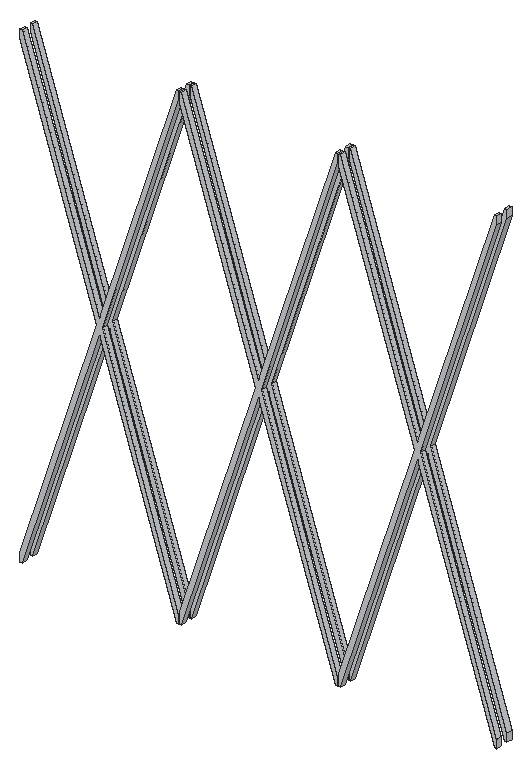
Revit family "M_Padrão do montante_diamante_1x3", category Modelos genéricos, Revit 2019
Family settings
  Pode hospedar o vergalhão = Não
  Cota do conector redondo = Utilizar diâmetro
  Tipo de parte = Normal
  Com base no plano de trabalho = Não
  Sempre na vertical = Sim
  Corte com vazios quando carregada = Não
  Compartilhado = Sim
  Ponto de cálculo do ambiente = Não
Parameters
  Largura [instance] = 1200 mm
  Espessura = 12.7 mm
  Altura [instance] = 1200 mm
  Material interior [instance] = none
  Material externo [instance] = none
  Distância = 19.05 mm
Reference planes
  plane 1 "Centro (Frente/Trás)": y = 0
  plane 2: z = 0
  plane 3 "Centro (Esquerda/Direita)": x = 0
  plane 4: z = 1200
  plane 5: x = -600
  plane 6: x = 600
  plane 7: z = 600
  plane 8: x = -200
  plane 9: x = 200
Dimensions and locks
  equal spacing: plane 6, plane 3 "Centro (Esquerda/Direita)", plane 5
  "Largura": plane 6 to plane 5
  "Altura": plane 4 to plane 2
  equal spacing: plane 4, plane 7, plane 2
  equal spacing: plane 6, plane 9, plane 8, plane 5
  aligned and locked: plane 2 to level
  aligned and locked: plane 1 "Centro (Frente/Trás)" to nested 1
  aligned and locked: plane 1 "Centro (Frente/Trás)" to nested 2
  aligned and locked: plane 1 "Centro (Frente/Trás)" to nested 3
  aligned and locked: plane 5 to nested 1
  aligned and locked: plane 8 to nested 1
  aligned and locked: plane 8 to nested 2
  aligned and locked: plane 9 to nested 2
  aligned and locked: plane 9 to nested 3
  aligned and locked: plane 6 to nested 3
  aligned and locked: plane 4 to nested 3
  aligned and locked: plane 4 to nested 2
  aligned and locked: plane 4 to nested 1
  aligned and locked: plane 2 to nested 1
  aligned and locked: plane 2 to nested 3
  aligned and locked: plane 2 to nested 2
Nested families
  nested 1: "M_Padrão do montante_diamante" at (-400, 0, 0), Material externo <- "Material externo", Material interior <- "Material interior", type "M_Padrão do montante_diamante"
    with W 400 mm, Material interior none, H 1200 mm, Material externo none
  nested 2: "M_Padrão do montante_diamante" at (0, 0, 0), Material externo <- "Material externo", Material interior <- "Material interior", type "M_Padrão do montante_diamante"
    with W 400 mm, Material interior none, H 1200 mm, Material externo none
  nested 3: "M_Padrão do montante_diamante" at (400, 0, 0), Material externo <- "Material externo", Material interior <- "Material interior", type "M_Padrão do montante_diamante"
    with W 400 mm, Material interior none, H 1200 mm, Material externo none
Definition of nested family "M_Padrão do montante_diamante"
  Parameters (values of type "M_Padrão do montante_diamante")
    W [instance] = 1200 mm
    Espessura = 12.7 mm
    H [instance] = 1200 mm
    Material interior [instance] = none
    Distância = 19.05 mm
    Material externo [instance] = none
  Reference planes
    plane 1 "Centro (Frente/Trás)": y = 0
    plane 2: z = 0
    plane 3 "Centro (Esquerda/Direita)": x = 0
    plane 4: z = 1200
    plane 5: x = -600
    plane 6: x = 600
    plane 7: z = 600
    plane 8: y = 9.525
    plane 9: y = -9.525
    plane 10: y = 22.225
    plane 11: y = -22.225
  Forms (mm)
    Extrusion 1, solid, material <- "Material externo", detail levels fine
      sketch origin (-600, 0, 1200) x (0.707107, 0, -0.707107) y (0.707107, 0, 0.707107)
        loop
          line (0, 6.35) -> (0, -6.35) -> (1697.056, -6.35) -> (1697.056, 6.35) -> (0, 6.35)
      from -22.225 to -9.525
    Extrusion 2, solid, material <- "Material externo", detail levels fine
      sketch origin (600, 0, 1200) x (-0.707107, 0, -0.707107) y (0.707107, 0, -0.707107)
        loop
          line (1697.056, 6.35) -> (0, 6.35) -> (0, -6.35) -> (1697.056, -6.35) -> (1697.056, 6.35)
      from -22.225 to -9.525
    Extrusion 3, void
      sketch origin (0, 0, 0) x (1, 0, 0) y (0, 0, 1)
        loop
          line (-600, 1200) -> (-600, 0) -> (600, 0) -> (600, 1200) -> (-600, 1200)
        loop
          line (-612.7, 1212.7) -> (-612.7, -12.7) -> (612.7, -12.7) -> (612.7, 1212.7) -> (-612.7, 1212.7)
      from -22.225 to 22.225
    Extrusion 4, solid, material <- "Material interior", detail levels fine
      sketch origin (-600, 0, 1200) x (0.707107, 0, -0.707107) y (0.707107, 0, 0.707107)
        loop
          line (0, 6.35) -> (0, -6.35) -> (1697.056, -6.35) -> (1697.056, 6.35) -> (0, 6.35)
      from 9.525 to 22.225
    Extrusion 5, solid, material <- "Material interior", detail levels fine
      sketch origin (600, 0, 1200) x (-0.707107, 0, -0.707107) y (0.707107, 0, -0.707107)
        loop
          line (0, -6.35) -> (1697.056, -6.35) -> (1697.056, 6.35) -> (0, 6.35) -> (0, -6.35)
      from 9.525 to 22.225
  Cuts and joins
    Extrusion 3 cuts Extrusion 1
    Extrusion 3 cuts Extrusion 2
    joined: Extrusion 1, Extrusion 2
    Extrusion 3 cuts Extrusion 4
    Extrusion 3 cuts Extrusion 5
    joined: Extrusion 4, Extrusion 5
  Lines and regions (mm)
    reference lines
      curve 1: line (-600, 0, 1200) -> (600, 0, 0)
      curve 2: line (600, 0, 1200) -> (-600, 0, 0)
      curve 3: line (-600, 0, 1200) -> (-447.336, 0, 1352.664)
      curve 4: line (600, 0, 0) -> (793.076, 0, 193.076)
      curve 5: line (-529.006, 0, 1120.026) -> (416.643, 0, 174.377)
      curve 6: line (-520.026, 0, 1129.006) -> (425.623, 0, 183.357)
      curve 7: line (600, 0, 1200) -> (469.786, 0, 1330.214)
      curve 8: line (-600, 0, 0) -> (-707.763, 0, 107.763)
      curve 9: line (-595.51, 0, -4.49) -> (557.214, 0, 1148.233)
      curve 10: line (-604.49, 0, 4.49) -> (548.233, 0, 1157.214)
    model lines, detail levels medium
      curve 11: line (600, 9.525, 0) -> (-600, 9.525, 1200)
      curve 12: line (600, 9.525, 1200) -> (-600, 9.525, 0)
      curve 13: line (600, -9.525, 0) -> (-600, -9.525, 1200)
      curve 14: line (600, -9.525, 1200) -> (-600, -9.525, 0)
  Dimensions and locks
    equal spacing: plane 6, plane 3 "Centro (Esquerda/Direita)", plane 5
    "W": plane 6 to plane 5
    "H": plane 4 to plane 2
    equal spacing: plane 4, plane 7, plane 2
    equal spacing: curve 5, curve 1, curve 6
    "Espessura": curve 5 to curve 6
    equal spacing: curve 9, curve 2, curve 10
    "Espessura": curve 9 to curve 10
    "Espessura": Extrusion 3 sketch curve to plane 6
    "Espessura": plane 2 to Extrusion 3 sketch curve
    "Espessura": plane 5 to Extrusion 3 sketch curve
    "Espessura": Extrusion 3 sketch curve to plane 4
    "Distância": plane 8 to plane 9
    equal spacing: plane 8, plane 1 "Centro (Frente/Trás)", plane 9
    "Espessura": plane 10 to plane 8
    "Espessura": plane 9 to plane 11
    locked: curve 1 to curve 3 (angle 90.00°)
    locked: curve 4 to curve 1 (angle 90.00°)
    locked: curve 7 to curve 2 (angle 90.00°)
    locked: curve 2 to curve 8 (angle 90.00°)
    aligned and locked: plane 2 to level
    aligned and locked: plane 4 to curve 1
    aligned and locked: plane 5 to curve 1
    aligned and locked: plane 2 to curve 2
    aligned and locked: plane 5 to curve 2
    aligned and locked: plane 6 to curve 1
    aligned and locked: plane 2 to curve 1
    aligned and locked: plane 6 to curve 2
    aligned and locked: plane 4 to curve 2
    aligned and locked: plane 4 to curve 3
    aligned and locked: plane 5 to curve 3
    aligned and locked: plane 6 to curve 4
    aligned and locked: plane 2 to curve 4
    aligned and locked: Extrusion 1 sketch curve to curve 5
    aligned and locked: Extrusion 1 sketch curve to curve 3
    aligned and locked: Extrusion 1 sketch curve to curve 6
    aligned and locked: curve 6 to Extrusion 1 sketch curve
    aligned and locked: curve 5 to Extrusion 1 sketch curve
    aligned and locked: Extrusion 1 sketch curve to curve 4
    aligned and locked: curve 4 to Extrusion 1 sketch curve
    aligned and locked: plane 5 to curve 8
    aligned and locked: plane 2 to curve 8
    aligned and locked: plane 6 to curve 7
    aligned and locked: plane 4 to curve 7
    aligned and locked: Extrusion 2 sketch curve to curve 10  (x2)
    aligned and locked: Extrusion 2 sketch curve to curve 8  (x2)
    aligned and locked: curve 9 to Extrusion 2 sketch curve  (x2)
    aligned and locked: curve 7 to Extrusion 2 sketch curve
    aligned and locked: plane 5 to Extrusion 3 sketch curve
    aligned and locked: Extrusion 3 sketch curve to plane 4
    aligned and locked: Extrusion 3 sketch curve to plane 6
    aligned and locked: plane 2 to Extrusion 3 sketch curve
    aligned and locked: plane 10 to cut or joined group of Extrusion 1, Extrusion 2, Extrusion 3  (x2)
    aligned and locked: cut or joined group of Extrusion 1, Extrusion 2, Extrusion 3 to plane 8  (x2)
    aligned and locked: plane 10 to Extrusion 3
    aligned and locked: Extrusion 3 to plane 11
    aligned and locked: curve 3 to Extrusion 4 sketch curve
    aligned and locked: Extrusion 4 sketch curve to curve 3
    aligned and locked: Extrusion 4 sketch curve to curve 6
    aligned and locked: Extrusion 4 sketch curve to curve 5
    aligned and locked: Extrusion 4 sketch curve to curve 4
    aligned and locked: curve 6 to Extrusion 4 sketch curve
    aligned and locked: curve 5 to Extrusion 4 sketch curve
    aligned and locked: Extrusion 5 sketch curve to curve 9
    aligned and locked: Extrusion 5 sketch curve to curve 10
    aligned and locked: Extrusion 5 sketch curve to curve 7  (x2)
    aligned and locked: Extrusion 5 sketch curve to curve 8  (x2)
    aligned and locked: curve 9 to Extrusion 5 sketch curve
    aligned and locked: curve 10 to Extrusion 5 sketch curve
    aligned and locked: Extrusion 4 to plane 11
    aligned and locked: Extrusion 5 to plane 11
    aligned and locked: plane 9 to Extrusion 4
    aligned and locked: plane 9 to Extrusion 5
    aligned and locked: plane 2 to curve 11
    aligned and locked: plane 6 to curve 11
    aligned and locked: plane 5 to curve 11
    aligned and locked: plane 4 to curve 11
    aligned and locked: plane 5 to curve 12
    aligned and locked: plane 2 to curve 12
    aligned and locked: plane 4 to curve 12
    aligned and locked: plane 6 to curve 12
    aligned and locked: plane 2 to curve 13
    aligned and locked: plane 6 to curve 13
    aligned and locked: plane 4 to curve 14
    aligned and locked: plane 6 to curve 14
    aligned and locked: plane 4 to curve 13
    aligned and locked: plane 5 to curve 13
    aligned and locked: plane 2 to curve 14
    aligned and locked: plane 5 to curve 14
  Automatic sketch dimensions
    curve 1 to curve 6 = 106.751 mm
    curve 1 to curve 5 = 106.751 mm
    curve 5 to curve 1 = 252.956 mm
    curve 6 to curve 5 = 0 mm
    curve 2 to curve 9 = 0 mm
    curve 2 to curve 9 = 66.859 mm
    curve 2 to curve 10 = 66.859 mm
